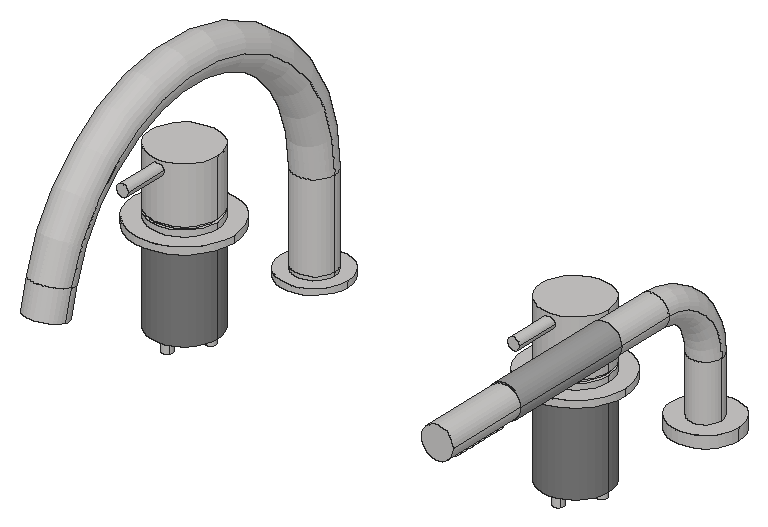
Revit family "SC12", category Plumbing Fixtures, Revit 2021
Family settings
  Round Connector Dimension = Use Diameter
  Part Type = Normal
  Work Plane-Based = No
  Always vertical = Yes
  Cut with Voids When Loaded = No
  Shared = No
  Room Calculation Point = No
Parameters
  e-mail = "info@vola.com"
  URL = "http://vola.com"
  Telephone = "+45 7023 5500"
  Quality management standard = "ISO 9001"
  Organisation no. / DUNS no. = "17531328"
  Occupational health and safety management standard = "ISO 18001"
  Mounting Instructions = "http://vola.com/service/producturl.ashx?name=SC12"
  Model = "SC12"
  Materials and components information = "http://vola.com/service/producturl.ashx?name=SC12"
  Manufacturer = "VOLA A/S"
  Maintenance Instructions = "http://vola.com/service/producturl.ashx?name=SC12"
  Guarantee = "2 years"
  Flow = "30,00 l/min"
  Environmental management standard = "ISO 14000"
  Default Elevation = 0.00 mm
  Connection - All relevant connections = "10mm flexible hose"
  Approvals = "http://vola.com/service/producturl.ashx?name=SC12"
Reference planes
  plane 1 "Center (Front/Back)": y = 0
  plane 2: z = 0
  plane 3 "Center (Left/Right)": x = 0
Dimensions and locks
  aligned and locked: plane 2 to level
Nested families
  nested 1: "090E" at (0, 0, 0), type "090E"
  nested 2: "500T1" at (234, 0, 0), type "500T1"
  nested 3: "2500" at (-78, 0, 0), type "2500"
Connectors
  piping at (-88.825, 6.25, -63), diameter 6
    settings: on nested 3, index 1, connector inside diameter 0.23622", connector length 0.00 mm, flow factor 0, pipe flow 0 GPM, pressure drop 0.00 psi, fitting loss kfactor 0, connector angle 0.00°, fixture units 0, engagement length 0.00 mm, angle of deflection 0.00°, flow configuration 0, flow direction 1, fitting loss method 0, system type 19, joint type 0, gender type 0, connector reference index -1, connector utility 0, adjustable connector no, is connector primary yes, connector description ""
  piping at (145.175, 6.25, -63), diameter 6
    settings: on nested 2, index 2, connector inside diameter 0.23622", connector length 0.00 mm, flow factor 0, pipe flow 0 GPM, pressure drop 0.00 psi, fitting loss kfactor 0, connector angle 0.00°, fixture units 0, engagement length 0.00 mm, angle of deflection 0.00°, flow configuration 0, flow direction 1, fitting loss method 0, system type 19, joint type 0, gender type 0, connector reference index -1, connector utility 0, adjustable connector no, is connector primary no, connector description ""
  piping at (-67.175, 6.25, -63), diameter 6
    settings: on nested 3, index 3, connector inside diameter 0.23622", connector length 0.00 mm, flow factor 0, pipe flow 0 GPM, pressure drop 0.00 psi, fitting loss kfactor 0, connector angle 0.00°, fixture units 0, engagement length 0.00 mm, angle of deflection 0.00°, flow configuration 0, flow direction 1, fitting loss method 0, system type 20, joint type 0, gender type 0, connector reference index -1, connector utility 0, adjustable connector no, is connector primary no, connector description ""
  piping at (166.825, 6.25, -63), diameter 6
    settings: on nested 2, index 4, connector inside diameter 0.23622", connector length 0.00 mm, flow factor 0, pipe flow 0 GPM, pressure drop 0.00 psi, fitting loss kfactor 0, connector angle 0.00°, fixture units 0, engagement length 0.00 mm, angle of deflection 0.00°, flow configuration 0, flow direction 1, fitting loss method 0, system type 20, joint type 0, gender type 0, connector reference index -1, connector utility 0, adjustable connector no, is connector primary no, connector description ""
Definition of nested family "090E"
  Parameters
    e-mail = "info@vola.com"
    URL = "http://vola.com"
    Telephone = "+45 7023 5500"
    Quality management standard = "ISO 9001"
    Organisation no. / DUNS no. = "17531328"
    Occupational health and safety management standard = "ISO 18001"
    Mounting Instructions = "http://vola.com/service/producturl.ashx?name=090E"
    Model = "090E"
    Materials and components information = "http://vola.com/service/producturl.ashx?name=090E"
    Manufacturer = "VOLA A/S"
    Maintenance Instructions = "http://vola.com/service/producturl.ashx?name=090E"
    Guarantee = "2 years"
    Environmental management standard = "ISO 14000"
    Default Elevation = 0.00 mm
    Connection - All relevant connections = ""
    Approvals = "http://vola.com/service/producturl.ashx?name=090E"
  Reference planes
    plane 1 "Center (Front/Back)": y = 0
    plane 2: z = 0
    plane 3 "Center (Left/Right)": x = 0
  Forms (mm)
    Sweep 1, solid
      path origin (0, 0, -1) x (0, 1, 0) y (0, 0, 1)
        loop
          line (0, 6.5) -> (0, 58.5)
          arc (0, 58.5) -> (-86.947, 157.644) -> (-196.593, 84.382) r 100
      profile origin (0, -86.947, 156.644) x (0, -0.130526, -0.991445) y (1, 0, 0)
        loop
          circle (0, 0) r 12
    Extrusion 2, solid
      sketch origin (0, 0, 0) x (1, 0, 0) y (0, 1, 0)
        loop
          circle (0, 0) r 20
      from 0 to 3.5
    Extrusion 3, solid
      sketch origin (0, 0, 3.5) x (1, 0, 0) y (0, 1, 0)
        loop
          circle (0, 0) r 12
      from 0 to 2
    Extrusion 4, solid
      sketch origin (0, -196.593, 83.382) x (1, 0, 0) y (0, -0.965926, 0.258819)
        loop
          circle (0, 0) r 12
      from 0 to 17.7
  Cuts and joins
    joined: Sweep 1, Extrusion 2
  Dimensions and locks
    aligned and locked: plane 2 to level
Definition of nested family "500T1"
  Parameters
    e-mail = "info@vola.com"
    URL = "http://vola.com"
    Telephone = "+45 7023 5500"
    Quality management standard = "ISO 9001"
    Organisation no. / DUNS no. = "17531328"
    Occupational health and safety management standard = "ISO 18001"
    Mounting Instructions = "http://vola.com/service/producturl.ashx?name=500T1"
    Model = "500T1"
    Materials and components information = "http://vola.com/service/producturl.ashx?name=500T1"
    Manufacturer = "VOLA A/S"
    Maintenance Instructions = "http://vola.com/service/producturl.ashx?name=500T1"
    Guarantee = "2 years"
    Flow = "11,00 l/min"
    Environmental management standard = "ISO 14000"
    Default Elevation = 0.00 mm
    Connection - All relevant connections = "10mm flexible hose"
    Approvals = "http://vola.com/service/producturl.ashx?name=500T1"
  Reference planes
    plane 1 "Center (Front/Back)": y = 0
    plane 2: z = 0
    plane 3 "Center (Left/Right)": x = 0
  Dimensions and locks
    aligned and locked: plane 2 to level
  Nested families
    nested 1: "T1" at (0, 0, 0), type "T1"
    nested 2: "500" at (-78, 0, 0), type "500"
  Connectors
    piping at (-88.825, 6.25, -63), diameter 6
      settings: on nested 2, index 1, connector inside diameter 0.23622", connector length 0.00 mm, flow factor 0, pipe flow 0 GPM, pressure drop 0.00 psi, fitting loss kfactor 0, connector angle 0.00°, fixture units 0, engagement length 0.00 mm, angle of deflection 0.00°, flow configuration 0, flow direction 1, fitting loss method 0, system type 19, joint type 0, gender type 0, connector reference index -1, connector utility 0, adjustable connector no, is connector primary yes, connector description ""
    piping at (-67.175, 6.25, -63), diameter 6
      settings: on nested 2, index 2, connector inside diameter 0.23622", connector length 0.00 mm, flow factor 0, pipe flow 0 GPM, pressure drop 0.00 psi, fitting loss kfactor 0, connector angle 0.00°, fixture units 0, engagement length 0.00 mm, angle of deflection 0.00°, flow configuration 0, flow direction 1, fitting loss method 0, system type 20, joint type 0, gender type 0, connector reference index -1, connector utility 0, adjustable connector no, is connector primary no, connector description ""
  Definition of nested family "T1"
    Parameters
      e-mail = "info@vola.com"
      URL = "http://vola.com"
      Telephone = "+45 7023 5500"
      Quality management standard = "ISO 9001"
      Organisation no. / DUNS no. = "17531328"
      Occupational health and safety management standard = "ISO 18001"
      Mounting Instructions = "http://vola.com/service/producturl.ashx?name=T1"
      Model = "T1"
      Materials and components information = "http://vola.com/service/producturl.ashx?name=T1"
      Manufacturer = "VOLA A/S"
      Maintenance Instructions = "http://vola.com/service/producturl.ashx?name=T1"
      Guarantee = "2 years"
      Environmental management standard = "ISO 14000"
      Default Elevation = 0.00 mm
      Connection - All relevant connections = ""
      Approvals = "http://vola.com/service/producturl.ashx?name=T1"
    Reference planes
      plane 1 "Center (Front/Back)": y = 0
      plane 2: z = 0
      plane 3 "Center (Left/Right)": x = 0
    Forms (mm)
      Extrusion 1, solid
        sketch origin (0, 0, 0) x (1, 0, 0) y (0, 1, 0)
          loop
            circle (0, 0) r 20
        from 0 to 7
      Sweep 2, solid
        path origin (0, 0, 0) x (0, 1, 0) y (0, 0, 1)
          loop
            line (0, 7) -> (0, 40.5)
            arc (0, 40.5) -> (-11.569, 68.431) -> (-39.5, 80) r 39.5
            line (-39.5, 80) -> (-75.5, 80)
        profile origin (0, 0, 23.75) x (0, -1, 0) y (1, 0, 0)
          loop
            circle (0, 0) r 9.5
      Extrusion 3, solid
        sketch origin (0, -75.5, 80) x (1, 0, 0) y (0, 0, 1)
          loop
            circle (0, 0) r 10
        from 0 to 75
      Extrusion 4, solid
        sketch origin (0, -150.5, 80) x (1, 0, 0) y (0, 0, 1)
          loop
            circle (0, 0) r 9.5
        from 0 to 50
      Extrusion 5, solid
        sketch origin (0, 9.25, 62.884) x (1, 0, 0) y (0, 1, 0)
          loop
            circle (0, -200.45) r 1.225
          loop
            circle (0, -195.95) r 1.225
          loop
            circle (0, -191.45) r 1.225
          loop
            circle (0, -186.95) r 1.225
          loop
            circle (0, -182.45) r 1.225
          loop
            circle (0, -177.95) r 1.225
          loop
            circle (0, -173.45) r 1.225
          loop
            circle (0, -168.95) r 1.225
        from 7.116 to 10.217
      Extrusion 6, solid
        sketch origin (8.298, 9.25, 65.03) x (-0.87462, 0, -0.48481) y (0, -1, 0)
          loop
            circle (0, 200.45) r 1.225
          loop
            circle (0, 195.95) r 1.225
          loop
            circle (0, 191.45) r 1.225
          loop
            circle (0, 186.95) r 1.225
          loop
            circle (0, 182.45) r 1.225
          loop
            circle (0, 177.95) r 1.225
          loop
            circle (0, 173.45) r 1.225
          loop
            circle (0, 168.95) r 1.225
        from 7.116 to 10.217
      Extrusion 7, solid
        sketch origin (-8.298, 9.25, 65.03) x (0.87462, 0, -0.48481) y (0, 1, 0)
          loop
            circle (0, -200.45) r 1.225
          loop
            circle (0, -195.95) r 1.225
          loop
            circle (0, -191.45) r 1.225
          loop
            circle (0, -186.95) r 1.225
          loop
            circle (0, -182.45) r 1.225
          loop
            circle (0, -177.95) r 1.225
          loop
            circle (0, -173.45) r 1.225
          loop
            circle (0, -168.95) r 1.225
        from 7.116 to 10.217
    Cuts and joins
      joined: Extrusion 4, Extrusion 5, Extrusion 6, Extrusion 7
    Dimensions and locks
      aligned and locked: plane 2 to level
  Definition of nested family "500"
    Parameters
      e-mail = "info@vola.com"
      URL = "http://vola.com"
      Telephone = "+45 7023 5500"
      Quality management standard = "ISO 9001"
      Organisation no. / DUNS no. = "17531328"
      Occupational health and safety management standard = "ISO 18001"
      Mounting Instructions = "http://vola.com/service/producturl.ashx?name=500"
      Model = "500"
      Materials and components information = "http://vola.com/service/producturl.ashx?name=500"
      Manufacturer = "VOLA A/S"
      Maintenance Instructions = "http://vola.com/service/producturl.ashx?name=500"
      Guarantee = "2 years"
      Flow = "14,50 l/min"
      Environmental management standard = "ISO 14000"
      Default Elevation = 0.00 mm
      Connection - All relevant connections = "10mm flexible hose"
      Approvals = "http://vola.com/service/producturl.ashx?name=500"
    Reference planes
      plane 1 "Center (Front/Back)": y = 0
      plane 2: z = 0
      plane 3 "Center (Left/Right)": x = 0
    Forms (mm)
      Extrusion 1, solid
        sketch origin (0, 0, 0) x (1, 0, 0) y (0, 1, 0)
          loop
            circle (0, 0) r 30
        from 0 to 4
      Extrusion 2, solid
        sketch origin (0, 0, 7.5) x (1, 0, 0) y (0, 1, 0)
          loop
            circle (0, 0) r 18.25
        from 0 to 2
      Extrusion 3, solid
        sketch origin (0, 0, 9.5) x (1, 0, 0) y (0, 1, 0)
          loop
            circle (0, 0) r 20
        from 0 to 33.5
      Extrusion 4, solid
        sketch origin (0, 0, 3.25) x (1, 0, 0) y (0, 0, 1)
          loop
            circle (0, 34.5) r 3.5
        from 0 to 46
      Extrusion 5, solid
        sketch origin (0, 0, 0) x (0, 1, 0) y (1, 0, 0)
          loop
            circle (0, 0) r 20
        from 0 to 55
      Extrusion 6, solid
        sketch origin (0, 0, -55) x (0, 1, 0) y (1, 0, 0)
          loop
            circle (6.25, 10.825) r 3
          loop
            circle (6.25, -10.825) r 3
          loop
            circle (-12.5, 0) r 3
        from 0 to 8
      Extrusion 7, solid
        sketch origin (0, 0, 4) x (1, 0, 0) y (0, 1, 0)
          loop
            circle (0, 0) r 20
        from 0 to 3.5
    Cuts and joins
      joined: Extrusion 3, Extrusion 4
    Lines and regions (mm)
      model lines
        curve 1: line (6.05, -19.063, 43) -> (6.05, 19.063, 43)
        curve 2: line (-6.05, -19.063, 43) -> (-6.05, 19.063, 43)
      reference lines
        curve 3: line (-10.825, 6.25, -55) -> (-10.825, 6.25, -80)
        curve 4: line (10.825, 6.25, -55) -> (10.825, 6.25, -80)
    Dimensions and locks
      aligned and locked: plane 2 to level
Definition of nested family "2500"
  Parameters
    e-mail = "info@vola.com"
    URL = "http://vola.com"
    Telephone = "+45 7023 5500"
    Quality management standard = "ISO 9001"
    Organisation no. / DUNS no. = "17531328"
    Occupational health and safety management standard = "ISO 18001"
    Mounting Instructions = "http://vola.com/service/producturl.ashx?name=2500"
    Model = "2500"
    Materials and components information = "http://vola.com/service/producturl.ashx?name=2500"
    Manufacturer = "VOLA A/S"
    Maintenance Instructions = "http://vola.com/service/producturl.ashx?name=2500"
    Guarantee = "2 years"
    Flow = "18,70 l/min"
    Environmental management standard = "ISO 14000"
    Default Elevation = 0.00 mm
    Connection - All relevant connections = "10mm flexible hose"
    Approvals = "http://vola.com/service/producturl.ashx?name=2500"
  Reference planes
    plane 1 "Center (Front/Back)": y = 0
    plane 2: z = 0
    plane 3 "Center (Left/Right)": x = 0
  Forms (mm)
    Extrusion 1, solid
      sketch origin (0, 0, 0) x (1, 0, 0) y (0, 1, 0)
        loop
          circle (0, 0) r 30
      from 0 to 4
    Extrusion 2, solid
      sketch origin (0, 0, 7.5) x (1, 0, 0) y (0, 1, 0)
        loop
          circle (0, 0) r 18.25
      from 0 to 2
    Extrusion 3, solid
      sketch origin (0, 0, 9.5) x (1, 0, 0) y (0, 1, 0)
        loop
          circle (0, 0) r 20
      from 0 to 33.5
    Extrusion 4, solid
      sketch origin (0, 0, 3.25) x (1, 0, 0) y (0, 0, 1)
        loop
          circle (0, 34.5) r 3.5
      from 0 to 46
    Extrusion 5, solid
      sketch origin (0, 0, 0) x (0, 1, 0) y (1, 0, 0)
        loop
          circle (0, 0) r 20
      from 0 to 55
    Extrusion 6, solid
      sketch origin (0, 0, -55) x (0, 1, 0) y (1, 0, 0)
        loop
          circle (6.25, 10.825) r 3
        loop
          circle (6.25, -10.825) r 3
        loop
          circle (-12.5, 0) r 3
      from 0 to 8
    Extrusion 7, solid
      sketch origin (0, 0, 4) x (1, 0, 0) y (0, 1, 0)
        loop
          circle (0, 0) r 20
      from 0 to 3.5
  Cuts and joins
    joined: Extrusion 3, Extrusion 4
  Lines and regions (mm)
    model lines
      curve 1: line (6.05, -19.063, 43) -> (6.05, 19.063, 43)
      curve 2: line (-6.05, -19.063, 43) -> (-6.05, 19.063, 43)
    reference lines
      curve 3: line (-10.825, 6.25, -55) -> (-10.825, 6.25, -80)
      curve 4: line (10.825, 6.25, -55) -> (10.825, 6.25, -80)
  Dimensions and locks
    aligned and locked: plane 2 to level
